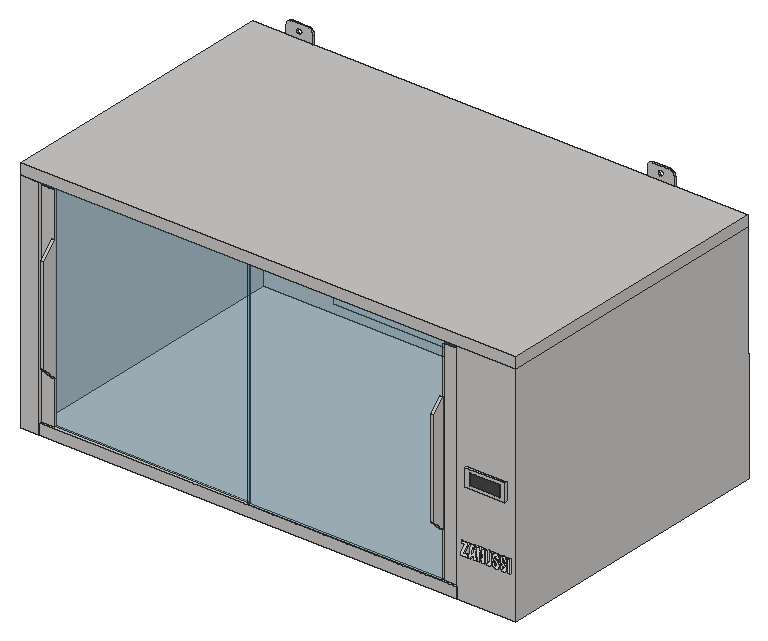
Revit family "QF_ZANUSSI_240440_ZSAFEBXS", category Specialty Equipment, Revit 2018
Family settings
  Round Connector Dimension = Use Diameter
  Part Type = Normal
  Work Plane-Based = No
  Always vertical = Yes
  Cut with Voids When Loaded = No
  Shared = No
  Room Calculation Point = No
Parameters
  Weight = 36.00 kg
  Watts = 0 W
  Volts = 0 V
  URL Manufacturer = ""
  URL = ""
  Steam Supply Size = 0 mm
  Steam Supply Minimum Pressure = 0.0 Pa
  Steam Supply Maximum Pressure = 0.0 Pa
  Steam Pounds per Hour = 0
  Refrigeration Suction Line Size = 0 mm
  Refrigeration Liquid Line Size = 0 mm
  Refrigerant Compressor Remote = yes
  Manufacturer = ""
  Phase = 0
  Model = ""
  Length Actual = 920.0 mm  # constant formula
  Item Number = ""
  Hot Water Size = 0 mm
  Height Actual = 450.0 mm  # constant formula
  HP = "0.8 HP"
  Gas Size = 0 mm
  Gas KW = 0
  Gas Input Pressure = 0 W
  Direct Waste Size = 0 mm
  Description = ""
  Depth Actual = 590.0 mm  # constant formula
  Cycle = 0 Hz
  Condensate Return Size = 0 mm
  Compressed Air Volume = 0.0 L/s
  Compressed Air Size = 0 mm
  Compressed Air Pressure = 0.0 Pa
  Cold Water Size = 0 mm
  Accessory = yes
Types (2, lengths in mm): name | Volts | URL Manufacturer | URL | Manufacturer | Phase | Model | Item Number | Description | Cycle
  (no name) | 0 V | "" | "" | "" | 0 | "" | "" | "" | 0 Hz
  Standard | 220 V | "http://www.zanussiprofessional.com" | "http://www.zanussiprofessional.com" | "Zanussi" | 1 | "ZSAFEBXS" | "240440" | "SAFE FOOD HOLDING DISPLAY FOR FOOD PICK UP, TAKE AWAY AND DELIVERY" | 50 Hz
Reference planes
  plane 1 "Center (Front/Back)": y = 0
  plane 2: z = 0
  plane 3 "Center (Left/Right)": x = 0
  plane 4 "LEFT": x = -460
  plane 5 "RIGHT": x = 460
  plane 6 "BACK": y = 270
  plane 7 "FRONT": y = -270
  plane 8 "Base": z = 11
  plane 9 "TOP": z = 451
  plane 10: x = -430
  plane 11: y = 250
  plane 12: y = -220
  plane 13: x = 360
Forms (mm)
  Extrusion 1, solid, material "QF_Finishes_Stainless Steel"
    sketch origin (0, 0, 11) x (0, 1, 0) y (-1, 0, 0)
      loop
        line (270, 460) -> (-270, 460) -> (-270, 425) -> (250, 425) -> (250, -350) -> (-270, -350) -> (-270, -460) -> (270, -460) -> (270, 460)
    from 0 to 420
  Extrusion 2, solid, material "QF_Finishes_Stainless Steel"
    sketch origin (0, 0, 451) x (0, 1, 0) y (-1, 0, 0)
      loop
        line (270, 460) -> (-270, 460) -> (-270, -460) -> (270, -460) -> (270, 460)
    from 0 to -20
  Extrusion 3, void
    sketch origin (0, -270, 0) x (-1, 0, 0) y (0, 0, 1)
      loop
        line (140.985, 386.837) -> (-115, 386.837) -> (-115, 166) -> (140.985, 166) -> (140.985, 386.837)
    from 520 to 540
  Extrusion 4, solid, material "QF_Finishes_Stainless Steel"
    sketch origin (460, 0, 0) x (0, 1, 0) y (0, 0, 1)
      loop
        line (250, 386.837) -> (250, 166) -> (320, 166) -> (320, 386.837) -> (250, 386.837)
    from -600.985 to -345
  Extrusion 5, solid, material "QF_Finishes_Stainless Steel"
    sketch origin (0, 270, 0) x (-1, 0, 0) y (0, 0, 1)
      loop
        line (260.985, 386.837) -> (-235, 386.837) -> (-235, 76) -> (260.985, 76) -> (260.985, 386.837)
    from 0 to -60
  Extrusion 6, solid, material "Glass"
    sketch origin (0, -270, 0) x (-1, 0, 0) y (0, 0, 1)
      loop
        line (425, 431) -> (37.5, 431) -> (37.5, 31) -> (400, 31) -> (400, 426) -> (425, 426) -> (425, 431)
    from 4 to 8
  Extrusion 7, solid, material "Glass"
    sketch origin (385, -270, 0) x (-1, 0, 0) y (0, 0, 1)
      loop
        line (422.5, 431) -> (35, 431) -> (35, 426) -> (60, 426) -> (60, 31) -> (422.5, 31) -> (422.5, 431)
    from 0 to 4
  Extrusion 8, solid, material "QF_Finishes_Stainless Steel"
    sketch origin (0, 0, 0) x (0, 1, 0) y (0, 0, 1)
      loop
        line (-266, 112) -> (-266, 342.426) -> (-291.213, 317.213) -> (-291.213, 137.213) -> (-266, 112)
    from -400 to -405
  Extrusion 9, solid, material "QF_Finishes_Stainless Steel"
    sketch origin (0, -270, 0) x (-1, 0, 0) y (0, 0, 1)
      loop
        line (-350, 426) -> (-350, 31) -> (-325, 31) -> (-325, 426) -> (-350, 426)
      loop
        line (400, 426) -> (400, 31) -> (425, 31) -> (425, 426) -> (400, 426)
    from 4 to 8
  Extrusion 10, solid, material "QF_Finishes_Stainless Steel"
    sketch origin (0, 0, 451) x (0, 1, 0) y (-1, 0, 0)
      loop
        line (270, 425) -> (-270, 425) -> (-270, -350) -> (270, -350) -> (270, 425)
    from -420 to -440
  Extrusion 11, solid, material "QF_Finishes_Stainless Steel"
    sketch origin (0, 0, 0) x (0, 1, 0) y (0, 0, 1)
      loop
        line (-270, 116) -> (-270, 338.426) -> (-291.213, 317.213) -> (-291.213, 137.213) -> (-270, 116)
    from 325 to 320
  Extrusion 12, solid, material "QF_Finishes_Stainless Steel"
    sketch origin (0, -270, 0) x (-1, 0, 0) y (0, 0, 1)
      loop
        line (-368.864, 238.032) -> (-443.864, 238.032) -> (-443.864, 206) -> (-368.864, 206) -> (-368.864, 238.032)
      loop
        line (-378.864, 233.032) -> (-433.864, 233.032) -> (-433.864, 211) -> (-378.864, 211) -> (-378.864, 233.032)
    from 0 to -5
  Extrusion 13, solid, material "QF_Finishes_Black"
    sketch origin (0, -270, 0) x (-1, 0, 0) y (0, 0, 1)
      loop
        line (-378.864, 233.032) -> (-433.864, 233.032) -> (-433.864, 211) -> (-378.864, 211) -> (-378.864, 233.032)
    from 0 to -5
  Extrusion 14, solid, material "QF_Finishes_Stainless Steel"
    sketch origin (0, 270, 0) x (-1, 0, 0) y (0, 0, 1)
      loop
        circle (-420, 40) r 10
    from 0 to 2
  Extrusion 15, solid, material "QF_Finishes_Rubber Black"
    sketch origin (0, 0, 0) x (1, 0, 0) y (0, 1, 0)
      loop
        circle (-430, 250) r 15
      loop
        circle (360, 250) r 15
      loop
        circle (-430, -220) r 15
      loop
        circle (360, -220) r 15
    from 0 to 7
  Extrusion 16, solid, material "QF_Finishes_Stainless Steel"
    sketch origin (0, 0, 0) x (1, 0, 0) y (0, 1, 0)
      loop
        circle (-430, 250) r 12.5
      loop
        circle (360, 250) r 12.5
      loop
        circle (-430, -220) r 12.5
      loop
        circle (360, -220) r 12.5
    from 11 to 7
  Extrusion 17, solid, material "QF_Plastic-White-Matte"
    sketch origin (0, -270, 0) x (-1, 0, 0) y (0, 0, 1)
      loop
        line (-372.774, 88.09) -> (-360, 88.09) -> (-360, 93.003) -> (-367.019, 107.742) -> (-360.562, 107.602) -> (-360.562, 112.094) -> (-372.774, 112.094) -> (-372.774, 108.023) -> (-365.406, 93.003) -> (-372.774, 93.003) -> (-372.774, 88.09)
      loop
        line (-379.825, 97.074) -> (-381.229, 107.991) -> (-382.632, 97.074) -> (-379.825, 97.074)
      loop
        line (-378.562, 88.09) -> (-373.508, 88.09) -> (-377.86, 112.094) -> (-384.598, 112.094) -> (-389.089, 88.09) -> (-384.036, 88.09) -> (-383.334, 92.722) -> (-379.263, 92.722) -> (-378.562, 88.09)
      loop
        line (-389.712, 112.094) -> (-394.905, 112.094) -> (-398.976, 96.793) -> (-398.976, 112.094) -> (-403.468, 112.094) -> (-403.468, 88.415) -> (-398.051, 88.415) -> (-394.063, 103.952) -> (-394.063, 88.09) -> (-389.712, 88.09) -> (-389.712, 112.094)
      loop
        line (-404.591, 94.027) -> (-404.591, 112.094) -> (-409.504, 112.094) -> (-409.504, 93.845)
        arc (-409.504, 93.845) -> (-411.161, 92.778) -> (-412.452, 94.267) r 1.504
        line (-412.452, 94.267) -> (-412.452, 112.094) -> (-417.365, 112.094) -> (-417.365, 93.143)
        arc (-417.365, 93.143) -> (-410.596, 88.051) -> (-404.591, 94.027) r 6.468
      loop
        line (-426.489, 104.514) -> (-426.489, 107.124)
        arc (-426.489, 107.124) -> (-424.511, 108.51) -> (-423.125, 106.532) r 1.708
        arc (-423.125, 106.532) -> (-423.515, 105.429) -> (-424.243, 104.514) r 3.541
        line (-424.243, 104.514) -> (-429.628, 99.668)
        arc (-429.628, 99.668) -> (-431.357, 96.026) -> (-431.259, 91.997) r 8.7
        arc (-431.259, 91.997) -> (-425.868, 88.096) -> (-419.469, 89.918) r 7.618
        arc (-419.469, 89.918) -> (-418.114, 93.076) -> (-418.067, 96.513) r 8.837
        line (-418.067, 96.513) -> (-422.968, 96.513)
        arc (-422.968, 96.513) -> (-422.989, 95.911) -> (-422.968, 95.309) r 8.711
        arc (-422.968, 95.309) -> (-422.946, 94.672) -> (-422.968, 94.035) r 9.221
        arc (-422.968, 94.035) -> (-423.253, 93.131) -> (-423.92, 92.456) r 2.021
        arc (-423.92, 92.456) -> (-426.133, 92.961) -> (-426.368, 95.219) r 1.95
        arc (-426.368, 95.219) -> (-425.418, 96.511) -> (-424.195, 97.549) r 6.904
        line (-424.195, 97.549) -> (-422.126, 99.384)
        arc (-422.126, 99.384) -> (-420.282, 101.311) -> (-418.78, 103.515) r 16.193
        arc (-418.78, 103.515) -> (-418.554, 107.501) -> (-420.382, 111.051) r 7.59
        arc (-420.382, 111.051) -> (-424.866, 112.513) -> (-429.349, 111.051) r 7.606
        arc (-429.349, 111.051) -> (-430.875, 109.129) -> (-431.198, 106.696) r 4.609
        line (-431.198, 106.696) -> (-431.122, 104.514) -> (-426.489, 104.514)
      loop
        line (-440.489, 104.514) -> (-440.489, 107.124)
        arc (-440.489, 107.124) -> (-438.511, 108.51) -> (-437.125, 106.532) r 1.708
        arc (-437.125, 106.532) -> (-437.515, 105.429) -> (-438.243, 104.514) r 3.541
        line (-438.243, 104.514) -> (-443.628, 99.668)
        arc (-443.628, 99.668) -> (-445.357, 96.026) -> (-445.259, 91.997) r 8.7
        arc (-445.259, 91.997) -> (-439.868, 88.096) -> (-433.469, 89.918) r 7.618
        arc (-433.469, 89.918) -> (-432.114, 93.076) -> (-432.067, 96.513) r 8.837
        line (-432.067, 96.513) -> (-436.968, 96.513)
        arc (-436.968, 96.513) -> (-436.989, 95.911) -> (-436.968, 95.309) r 8.711
        arc (-436.968, 95.309) -> (-436.946, 94.672) -> (-436.968, 94.035) r 9.221
        arc (-436.968, 94.035) -> (-437.253, 93.131) -> (-437.92, 92.456) r 2.021
        arc (-437.92, 92.456) -> (-440.133, 92.961) -> (-440.368, 95.219) r 1.95
        arc (-440.368, 95.219) -> (-439.418, 96.511) -> (-438.195, 97.549) r 6.904
        line (-438.195, 97.549) -> (-436.126, 99.384)
        arc (-436.126, 99.384) -> (-434.282, 101.311) -> (-432.78, 103.515) r 16.193
        arc (-432.78, 103.515) -> (-432.554, 107.501) -> (-434.382, 111.051) r 7.59
        arc (-434.382, 111.051) -> (-438.866, 112.513) -> (-443.349, 111.051) r 7.606
        arc (-443.349, 111.051) -> (-444.875, 109.129) -> (-445.198, 106.696) r 4.609
        line (-445.198, 106.696) -> (-445.122, 104.514) -> (-440.489, 104.514)
      loop
        line (-446.142, 112.094) -> (-451.055, 112.094) -> (-451.055, 88.09) -> (-446.142, 88.09) -> (-446.142, 112.094)
    from 0 to -1.6
  Extrusion 18, solid, material "QF_Finishes_Stainless Steel"
    sketch origin (0, 270, 0) x (-1, 0, 0) y (0, 0, 1)
      loop
        line (398.117, 431) -> (398.117, 466)
        arc (398.117, 466) -> (395.188, 473.071) -> (388.117, 476) r 10
        line (388.117, 476) -> (358.117, 476)
        arc (358.117, 476) -> (351.046, 473.071) -> (348.117, 466) r 10
        line (348.117, 466) -> (348.117, 431) -> (398.117, 431)
      loop
        circle (373.117, 463.03) r 5
      loop
        line (-323.117, 431) -> (-273.117, 431) -> (-273.117, 466)
        arc (-273.117, 466) -> (-276.046, 473.071) -> (-283.117, 476) r 10
        line (-283.117, 476) -> (-313.117, 476)
        arc (-313.117, 476) -> (-320.188, 473.071) -> (-323.117, 466) r 10
        line (-323.117, 466) -> (-323.117, 431)
      loop
        circle (-298.117, 463.03) r 5
    from 1.641 to 0
  Extrusion 19, solid, material "QF_Door-Drawer Clearances", detail levels coarse
    sketch origin (0, 0, 0) x (0, 1, 0) y (0, 0, 1)
      loop
        line (-266, 112) -> (-266, 342.426) -> (-291.213, 317.213) -> (-291.213, 137.213) -> (-266, 112)
    from -63 to -68
  Extrusion 20, solid, material "QF_Door-Drawer Clearances", detail levels coarse
    sketch origin (337, -270, 0) x (-1, 0, 0) y (0, 0, 1)
      loop
        line (400, 426) -> (400, 31) -> (425, 31) -> (425, 426) -> (400, 426)
    from 4 to 8
Cuts and joins
  Extrusion 3 cuts Extrusion 1
  joined: Extrusion 8, Extrusion 9, Extrusion 11
Lines and regions (mm)
  symbolic lines
    curve 1: line (-460, 270, 0) -> (460, 270, 0)
    curve 2: line (-460, -270, 0) -> (-460, 270, 0)
    curve 3: line (460, -270, 0) -> (-460, -270, 0)
    curve 4: line (460, 270, 0) -> (460, -270, 0)
    curve 5: line (115, 320, 0) -> (-140.985, 320, 0)
    curve 6: line (-140.985, 320, 0) -> (-140.985, 270, 0)
    curve 7: line (115, 270, 0) -> (115, 320, 0)
    curve 8: line (-405, -270, 0) -> (-405, -291.213, 0)
    curve 9: line (-405, -291.213, 0) -> (-400, -291.213, 0)
    curve 10: line (-400, -291.213, 0) -> (-400, -270, 0)
    curve 11: line (320, -270, 0) -> (320, -291.213, 0)
    curve 12: line (320, -291.213, 0) -> (325, -291.213, 0)
    curve 13: line (325, -291.213, 0) -> (325, -270, 0)
    curve 17: line (368.864, -275, 0) -> (368.864, -270, 0)
    curve 18: line (368.864, -275, 0) -> (443.864, -275, 0)
    curve 19: line (443.864, -275, 0) -> (443.864, -270, 0)
    curve 20: line (-398.117, 270, 0) -> (-398.117, 271.641, 0)
    curve 21: line (-398.117, 271.641, 0) -> (-348.117, 271.641, 0)
    curve 22: line (-348.117, 271.641, 0) -> (-348.117, 270, 0)
    curve 23: line (273.117, 270, 0) -> (273.117, 271.641, 0)
    curve 24: line (273.117, 271.641, 0) -> (323.117, 271.641, 0)
    curve 25: line (323.117, 271.641, 0) -> (323.117, 270, 0)
    curve 26: line (410, 272, 0) -> (430, 272, 0)
    curve 27: line (430, 272, 0) -> (430, 270, 0)
    curve 28: line (410, 272, 0) -> (410, 270, 0)
  symbolic lines, style "SpecialityEquipmentHiddenLines"
    curve 14: line (-68, -270, 0) -> (-68, -291.213, 0)
    curve 15: line (-68, -291.213, 0) -> (-63, -291.213, 0)
    curve 16: line (-63, -291.213, 0) -> (-63, -270, 0)
Dimensions and locks
  plane 4 "LEFT" to plane 5 "RIGHT" = 920.0 mm
  equal spacing: plane 4 "LEFT", plane 3 "Center (Left/Right)", plane 5 "RIGHT"
  equal spacing: plane 6 "BACK", plane 1 "Center (Front/Back)", plane 7 "FRONT"
  plane 6 "BACK" to plane 7 "FRONT" = 540.0 mm  (x2)
  plane 8 "Base" to level = 11.0 mm
  plane 9 "TOP" to level = 451.0 mm
  plane 9 "TOP" to cut or joined group of Extrusion 1, Extrusion 3 = 64.163 mm
  level to cut or joined group of Extrusion 1, Extrusion 3 = 166.0 mm
  plane 4 "LEFT" to plane 10 = 30.0 mm
  plane 13 to plane 5 "RIGHT" = 100.0 mm
  plane 6 "BACK" to plane 11 = 20.0 mm
  plane 12 to plane 7 "FRONT" = 50.0 mm
  Extrusion 4 to Extrusion 2 = 590.0 mm
  aligned and locked: level to plane 2
Automatic sketch dimensions
  Extrusion 1 sketch curve to plane 4 "LEFT" = 0.0 mm
  Extrusion 1 sketch curve to plane 7 "FRONT" = 0.0 mm  (x2)
  Extrusion 1 sketch curve to plane 5 "RIGHT" = 0.0 mm
  Extrusion 1 sketch curve to plane 11 = 0.0 mm
  Extrusion 1 sketch curve to plane 6 "BACK" = 0.0 mm
  Extrusion 1 sketch curve to plane 13 = 10.0 mm
  plane 10 to Extrusion 1 sketch curve = 5.0 mm
  Extrusion 2 sketch curve to plane 4 "LEFT" = 0.0 mm
  Extrusion 2 sketch curve to plane 7 "FRONT" = 0.0 mm
  Extrusion 2 sketch curve to plane 6 "BACK" = 0.0 mm
  Extrusion 2 sketch curve to plane 5 "RIGHT" = 0.0 mm
  plane 3 "Center (Left/Right)" to Extrusion 3 sketch curve = 115.0 mm
  Extrusion 3 sketch curve to plane 3 "Center (Left/Right)" = 140.985 mm
  plane 8 "Base" to Extrusion 3 sketch curve = 155.0 mm
  Extrusion 3 sketch curve to plane 9 "TOP" = 64.163 mm
  Extrusion 4 sketch curve to plane 11 = 0.0 mm
  plane 6 "BACK" to Extrusion 4 sketch curve = 50.0 mm
  plane 8 "Base" to Extrusion 4 sketch curve = 155.0 mm
  Extrusion 4 sketch curve to plane 9 "TOP" = 64.163 mm
  Extrusion 5 sketch curve to plane 13 = 125.0 mm
  Extrusion 5 sketch curve to plane 9 "TOP" = 64.163 mm
  plane 10 to Extrusion 5 sketch curve = 169.015 mm
  plane 8 "Base" to Extrusion 5 sketch curve = 65.0 mm
  Extrusion 6 sketch curve to plane 3 "Center (Left/Right)" = 37.5 mm
  plane 10 to Extrusion 6 sketch curve = 30.0 mm
  plane 10 to Extrusion 6 sketch curve = 5.0 mm
  plane 8 "Base" to Extrusion 6 sketch curve = 20.0 mm
  Extrusion 6 sketch curve to plane 9 "TOP" = 25.0 mm
  Extrusion 6 sketch curve to plane 9 "TOP" = 20.0 mm
  Extrusion 7 sketch curve to plane 13 = 10.0 mm
  Extrusion 7 sketch curve to plane 13 = 35.0 mm
  Extrusion 7 sketch curve to plane 3 "Center (Left/Right)" = 37.5 mm
  plane 8 "Base" to Extrusion 7 sketch curve = 20.0 mm
  Extrusion 7 sketch curve to plane 9 "TOP" = 25.0 mm
  Extrusion 7 sketch curve to Extrusion 7 sketch curve = 5.0 mm
  Extrusion 8 sketch curve to plane 7 "FRONT" = 21.213 mm
  plane 7 "FRONT" to Extrusion 8 sketch curve = 4.0 mm
  plane 8 "Base" to Extrusion 8 sketch curve = 101.0 mm
  Extrusion 8 sketch curve to Extrusion 8 sketch curve = 25.213 mm  (x2)
  Extrusion 8 sketch curve to plane 9 "TOP" = 133.787 mm
  Extrusion 9 sketch curve to plane 13 = 10.0 mm
  Extrusion 9 sketch curve to Extrusion 9 sketch curve = 25.0 mm
  plane 10 to Extrusion 9 sketch curve = 30.0 mm
  plane 10 to Extrusion 9 sketch curve = 5.0 mm
  plane 8 "Base" to Extrusion 9 sketch curve = 20.0 mm  (x2)
  Extrusion 9 sketch curve to plane 9 "TOP" = 25.0 mm  (x2)
  Extrusion 10 sketch curve to plane 7 "FRONT" = 0.0 mm
  Extrusion 10 sketch curve to plane 6 "BACK" = 0.0 mm
  Extrusion 10 sketch curve to plane 13 = 10.0 mm
  plane 10 to Extrusion 10 sketch curve = 5.0 mm
  Extrusion 11 sketch curve to plane 7 "FRONT" = 0.0 mm
  Extrusion 11 sketch curve to plane 7 "FRONT" = 21.213 mm
  plane 8 "Base" to Extrusion 11 sketch curve = 105.0 mm
  Extrusion 11 sketch curve to Extrusion 11 sketch curve = 21.213 mm  (x2)
  Extrusion 11 sketch curve to plane 9 "TOP" = 133.787 mm
  Extrusion 12 sketch curve to plane 5 "RIGHT" = 16.136 mm
  Extrusion 12 sketch curve to Extrusion 12 sketch curve = 10.0 mm
  plane 13 to Extrusion 12 sketch curve = 18.864 mm
  plane 13 to Extrusion 12 sketch curve = 8.864 mm
  plane 8 "Base" to Extrusion 12 sketch curve = 195.0 mm
  Extrusion 12 sketch curve to Extrusion 12 sketch curve = 5.0 mm  (x2)
  Extrusion 12 sketch curve to Extrusion 12 sketch curve = 22.032 mm
  Extrusion 13 sketch curve to plane 5 "RIGHT" = 26.136 mm
  plane 13 to Extrusion 13 sketch curve = 18.864 mm
  plane 8 "Base" to Extrusion 13 sketch curve = 200.0 mm
  Extrusion 13 sketch curve to Extrusion 13 sketch curve = 22.032 mm
  Extrusion 14 sketch curve to plane 5 "RIGHT" = 40.0 mm
  plane 8 "Base" to Extrusion 14 sketch curve = 29.0 mm
  Extrusion 15 sketch curve to plane 10 = 0.0 mm  (x2)
  Extrusion 15 sketch curve to plane 12 = 0.0 mm  (x2)
  Extrusion 15 sketch curve to plane 13 = 0.0 mm  (x2)
  Extrusion 15 sketch curve to plane 11 = 0.0 mm  (x2)
  Extrusion 16 sketch curve to plane 10 = 0.0 mm  (x2)
  Extrusion 16 sketch curve to plane 12 = 0.0 mm  (x2)
  Extrusion 16 sketch curve to plane 13 = 0.0 mm  (x2)
  Extrusion 16 sketch curve to plane 11 = 0.0 mm  (x2)
  plane 9 "TOP" to Extrusion 18 sketch curve = 15.0 mm  (x2)
  Extrusion 18 sketch curve to plane 13 = 36.883 mm
  Extrusion 18 sketch curve to Extrusion 18 sketch curve = 10.0 mm  (x3)
  Extrusion 18 sketch curve to Extrusion 18 sketch curve = 15.0 mm  (x4)
  Extrusion 18 sketch curve to plane 9 "TOP" = 20.0 mm  (x2)
  plane 10 to Extrusion 18 sketch curve = 81.883 mm
  plane 10 to Extrusion 18 sketch curve = 31.883 mm
  plane 9 "TOP" to Extrusion 18 sketch curve = 12.03 mm  (x2)
  Extrusion 19 sketch curve to plane 7 "FRONT" = 21.213 mm
  plane 7 "FRONT" to Extrusion 19 sketch curve = 4.0 mm
  plane 8 "Base" to Extrusion 19 sketch curve = 101.0 mm
  Extrusion 19 sketch curve to Extrusion 19 sketch curve = 25.213 mm  (x2)
  Extrusion 19 sketch curve to plane 9 "TOP" = 133.787 mm
  plane 10 to Extrusion 20 sketch curve = 367.0 mm
  plane 10 to Extrusion 20 sketch curve = 342.0 mm
  plane 8 "Base" to Extrusion 20 sketch curve = 20.0 mm
  Extrusion 20 sketch curve to plane 9 "TOP" = 25.0 mm
  curve 3 to plane 4 "LEFT" = 0.0 mm
  curve 8 to plane 7 "FRONT" = 0.0 mm
  curve 20 to plane 6 "BACK" = 0.0 mm
  curve 4 to plane 5 "RIGHT" = 0.0 mm
  plane 10 to curve 8 = 25.0 mm
  curve 8 to curve 9 = 5.0 mm
  plane 6 "BACK" to curve 20 = 1.641 mm
  plane 10 to curve 20 = 31.883 mm
  curve 20 to curve 21 = 50.0 mm
  plane 6 "BACK" to curve 5 = 50.0 mm
  curve 5 to plane 3 "Center (Left/Right)" = 140.985 mm
  curve 15 to plane 7 "FRONT" = 21.213 mm
  curve 15 to plane 3 "Center (Left/Right)" = 68.0 mm
  curve 14 to curve 16 = 5.0 mm
  plane 3 "Center (Left/Right)" to curve 5 = 115.0 mm
  plane 6 "BACK" to curve 23 = 1.641 mm
  curve 23 to plane 13 = 86.883 mm
  curve 12 to plane 13 = 40.0 mm
  curve 25 to plane 13 = 36.883 mm
  curve 11 to curve 13 = 5.0 mm
  plane 13 to curve 18 = 8.864 mm
  curve 26 to plane 5 "RIGHT" = 30.0 mm
  curve 19 to plane 7 "FRONT" = 5.0 mm
  curve 19 to plane 5 "RIGHT" = 16.136 mm
  curve 12 to curve 13 = 21.213 mm
  curve 10 to curve 10 = 21.213 mm
  plane 6 "BACK" to curve 28 = 2.0 mm
  curve 28 to curve 26 = 20.0 mm
  Extrusion 17 sketch curve to plane 13 = 0.0 mm
  plane 13 to Extrusion 17 sketch curve = 0.562 mm
  Extrusion 17 sketch curve to Extrusion 17 sketch curve = 5.406 mm
  Extrusion 17 sketch curve to Extrusion 17 sketch curve = 6.457 mm
  Extrusion 17 sketch curve to Extrusion 17 sketch curve = 5.755 mm
  Extrusion 17 sketch curve to Extrusion 17 sketch curve = 7.368 mm
  Extrusion 17 sketch curve to Extrusion 17 sketch curve = 0.734 mm
  Extrusion 17 sketch curve to Extrusion 17 sketch curve = 5.086 mm
  Extrusion 17 sketch curve to Extrusion 17 sketch curve = 5.054 mm
  Extrusion 17 sketch curve to Extrusion 17 sketch curve = 0.702 mm  (x4)
  Extrusion 17 sketch curve to Extrusion 17 sketch curve = 0.561 mm
  Extrusion 17 sketch curve to Extrusion 17 sketch curve = 3.369 mm  (x3)
  Extrusion 17 sketch curve to Extrusion 17 sketch curve = 2.807 mm
  Extrusion 17 sketch curve to Extrusion 17 sketch curve = 4.071 mm  (x2)
  Extrusion 17 sketch curve to Extrusion 17 sketch curve = 5.053 mm
  Extrusion 17 sketch curve to Extrusion 17 sketch curve = 5.114 mm
  Extrusion 17 sketch curve to Extrusion 17 sketch curve = 4.352 mm  (x2)
  Extrusion 17 sketch curve to Extrusion 17 sketch curve = 5.194 mm
  Extrusion 17 sketch curve to Extrusion 17 sketch curve = 3.987 mm
  Extrusion 17 sketch curve to Extrusion 17 sketch curve = 4.492 mm  (x2)
  Extrusion 17 sketch curve to Extrusion 17 sketch curve = 1.123 mm
  Extrusion 17 sketch curve to Extrusion 17 sketch curve = 4.913 mm  (x5)
  Extrusion 17 sketch curve to Extrusion 17 sketch curve = 1.444 mm
  Extrusion 17 sketch curve to Extrusion 17 sketch curve = 0.094 mm
  Extrusion 17 sketch curve to Extrusion 17 sketch curve = 1.41 mm
  Extrusion 17 sketch curve to Extrusion 17 sketch curve = 1.825 mm
  Extrusion 17 sketch curve to Extrusion 17 sketch curve = 3.004 mm
  Extrusion 17 sketch curve to Extrusion 17 sketch curve = 4.058 mm  (x2)
  Extrusion 17 sketch curve to Extrusion 17 sketch curve = 2.478 mm  (x2)
  Extrusion 17 sketch curve to Extrusion 17 sketch curve = 0.121 mm  (x4)
  Extrusion 17 sketch curve to Extrusion 17 sketch curve = 1.228 mm  (x2)
  Extrusion 17 sketch curve to Extrusion 17 sketch curve = 2.118 mm  (x2)
  Extrusion 17 sketch curve to Extrusion 17 sketch curve = 1.578 mm  (x2)
  Extrusion 17 sketch curve to Extrusion 17 sketch curve = 0.128 mm  (x2)
  Extrusion 17 sketch curve to Extrusion 17 sketch curve = 0.564 mm  (x2)
  Extrusion 17 sketch curve to Extrusion 17 sketch curve = 0.622 mm  (x2)
  Extrusion 17 sketch curve to Extrusion 17 sketch curve = 0.31 mm  (x2)
  Extrusion 17 sketch curve to Extrusion 17 sketch curve = 1.171 mm  (x2)
  Extrusion 17 sketch curve to Extrusion 17 sketch curve = 0.512 mm  (x2)
  Extrusion 17 sketch curve to Extrusion 17 sketch curve = 0.123 mm  (x2)
  Extrusion 17 sketch curve to Extrusion 17 sketch curve = 0.02 mm  (x2)
  Extrusion 17 sketch curve to Extrusion 17 sketch curve = 1.774 mm  (x2)
  Extrusion 17 sketch curve to Extrusion 17 sketch curve = 1.52 mm
  Extrusion 17 sketch curve to Extrusion 17 sketch curve = 1.351 mm
  Extrusion 17 sketch curve to Extrusion 17 sketch curve = 4.632 mm  (x3)
  Extrusion 17 sketch curve to Extrusion 17 sketch curve = 0.076 mm  (x2)
  Extrusion 17 sketch curve to Extrusion 17 sketch curve = 3.79 mm
  Extrusion 17 sketch curve to Extrusion 17 sketch curve = 0.099 mm
  Extrusion 17 sketch curve to Extrusion 17 sketch curve = 1.668 mm
  Extrusion 17 sketch curve to Extrusion 17 sketch curve = 2.203 mm
  Extrusion 17 sketch curve to Extrusion 17 sketch curve = 2.87 mm
  Extrusion 17 sketch curve to Extrusion 17 sketch curve = 0.944 mm
  Extrusion 17 sketch curve to Extrusion 17 sketch curve = 5.408 mm
  Extrusion 17 sketch curve to Extrusion 17 sketch curve = 0.724 mm
  plane 8 "Base" to Extrusion 17 sketch curve = 77.09 mm
  Extrusion 17 sketch curve to Extrusion 17 sketch curve = 0.325 mm  (x2)
  Extrusion 17 sketch curve to Extrusion 17 sketch curve = 0.0 mm  (x11)
  Extrusion 17 sketch curve to Extrusion 17 sketch curve = 3.387 mm
  Extrusion 17 sketch curve to Extrusion 17 sketch curve = 3.713 mm
  Extrusion 17 sketch curve to Extrusion 17 sketch curve = 1.341 mm
  Extrusion 17 sketch curve to Extrusion 17 sketch curve = 0.181 mm
  Extrusion 17 sketch curve to Extrusion 17 sketch curve = 2.372 mm  (x2)
  Extrusion 17 sketch curve to Extrusion 17 sketch curve = 0.043 mm  (x2)
  Extrusion 17 sketch curve to Extrusion 17 sketch curve = 0.08 mm  (x2)
  Extrusion 17 sketch curve to Extrusion 17 sketch curve = 6.582 mm
  Extrusion 17 sketch curve to Extrusion 17 sketch curve = 2.869 mm
  Extrusion 17 sketch curve to Extrusion 17 sketch curve = 0.739 mm  (x2)
  Extrusion 17 sketch curve to Extrusion 17 sketch curve = 1.344 mm  (x2)
  Extrusion 17 sketch curve to Extrusion 17 sketch curve = 1.644 mm
  Extrusion 17 sketch curve to Extrusion 17 sketch curve = 0.997 mm
  Extrusion 17 sketch curve to Extrusion 17 sketch curve = 0.915 mm
  Extrusion 17 sketch curve to Extrusion 17 sketch curve = 2.767 mm
  Extrusion 17 sketch curve to Extrusion 17 sketch curve = 1.036 mm  (x2)
  Extrusion 17 sketch curve to Extrusion 17 sketch curve = 1.835 mm  (x2)
  Extrusion 17 sketch curve to Extrusion 17 sketch curve = 3.155 mm
  Extrusion 17 sketch curve to Extrusion 17 sketch curve = 4.449 mm
  Extrusion 17 sketch curve to Extrusion 17 sketch curve = 7.159 mm
  Extrusion 17 sketch curve to Extrusion 17 sketch curve = 5.13 mm
  Extrusion 17 sketch curve to Extrusion 17 sketch curve = 4.846 mm
  Extrusion 17 sketch curve to Extrusion 17 sketch curve = 0.393 mm  (x2)
  Extrusion 17 sketch curve to Extrusion 17 sketch curve = 1.409 mm  (x2)
  Extrusion 17 sketch curve to Extrusion 17 sketch curve = 2.182 mm  (x2)
  Extrusion 17 sketch curve to Extrusion 17 sketch curve = 0.905 mm  (x2)
  Extrusion 17 sketch curve to Extrusion 17 sketch curve = 1.201 mm  (x2)
  Extrusion 17 sketch curve to Extrusion 17 sketch curve = 0.022 mm  (x2)
  Extrusion 17 sketch curve to Extrusion 17 sketch curve = 0.182 mm  (x2)
  Extrusion 17 sketch curve to Extrusion 17 sketch curve = 14.599 mm
  Extrusion 17 sketch curve to Extrusion 17 sketch curve = 0.14 mm
  Extrusion 17 sketch curve to Extrusion 17 sketch curve = 10.917 mm
  Extrusion 17 sketch curve to Extrusion 17 sketch curve = 0.281 mm
  Extrusion 17 sketch curve to Extrusion 17 sketch curve = 0.45 mm  (x2)
  Extrusion 17 sketch curve to Extrusion 17 sketch curve = 4.103 mm
  Extrusion 17 sketch curve to Extrusion 17 sketch curve = 0.593 mm
  Extrusion 17 sketch curve to Extrusion 17 sketch curve = 4.345 mm
  Extrusion 17 sketch curve to Extrusion 17 sketch curve = 0.9 mm  (x2)
  Extrusion 17 sketch curve to Extrusion 17 sketch curve = 3.017 mm
  Extrusion 17 sketch curve to Extrusion 17 sketch curve = 0.952 mm  (x2)
  Extrusion 17 sketch curve to Extrusion 17 sketch curve = 1.658 mm
  Extrusion 17 sketch curve to Extrusion 17 sketch curve = 1.516 mm
  radius of Extrusion 14 sketch curve = 10.0 mm
  radius of Extrusion 15 sketch curve = 15.0 mm  (x4)
  radius of Extrusion 16 sketch curve = 12.5 mm  (x4)
  radius of Extrusion 18 sketch curve = 5.0 mm  (x2)
Connectors
  electrical at (420, 272, 40), driven by "Volts"
    settings: on Extrusion 14, index 1, voltage 0 V, apparent load 0 VA, apparent load phase1 0 VA, apparent load phase2 0 VA, apparent load phase3 0 VA, power factor 1, load classification "Other", number of poles 1, system type 30, power factor state 1, is connector primary yes, connector utility no, sub classification motor no, connector description "Electrical Connection"
